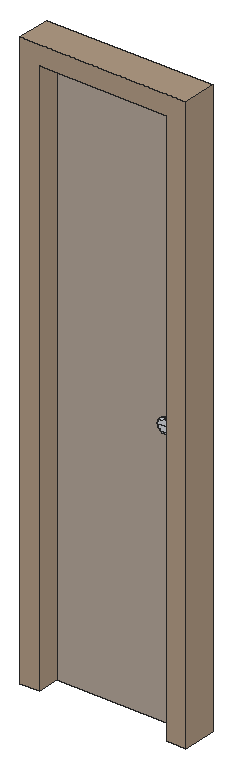
Revit family "D10_木門百葉", category 門, Revit 2014
Parameters (values of type "60 x 210 cm")
  熱阻 (R) = 0.270117 (m²·K)/W
  Visual Light Transmittance = 0
  Solar Heat Gain Coefficient = 0
  營造類型 Id = "MDOOR"
  關鍵註記 = "單開門-矩形"
  傳熱係數 (U) = 3.7021 W/(m²·K)
  功能 = 室內
  門扇材料 = none
  門扇寬度 = Width - 2 * 開門側框寬度  # 500 mm
  門扇厚度 = 40 mm
  Assembly Code = ""
  Rough Height = Height  # 2100 mm
  Rough Width = Width  # 600 mm
  框架深度 = 120 mm
  框擋板寬度 = 門扇厚度 / 2  # 20 mm
  框總寬度 [instance] = 開門側框寬度 + 框擋板寬度  # 70 mm
  Height = 2100 mm
  牆封閉 = 依主體
  框架材料 = none
  開門側框寬度 = 50 mm
  握把五金 = none
  Width = 600 mm
  操作 = "左單開門方向"
  解析營造 = "金屬"
Reference planes
  plane 1: y = -210
  plane 2 "中心 (左/右)": x = 0
  plane 3 "左": x = -300
  plane 4 "右": x = 300
  plane 5: z = 2100
  plane 6 "外部": y = -135
  plane 7 "內部": y = -285
  plane 8: y = 320
  plane 9: y = -740
  plane 10: z = 1050
Forms (mm)
  Sweep 1, solid, material "橡木、紅色"
    path origin (-5000, -210, 0) x (-1, 0, 0) y (0, 0, 1)
      loop
        line (-5300, 0) -> (-5300, 2100) -> (-4700, 2100) -> (-4700, 0)
    profile origin (300, -210, 1050) x (1, 0, 0) y (0, 1, 0)
      loop
        line (0, 60) -> (-50, 60) -> (-50, 20) -> (-70, 20) -> (-70, -60) -> (0, -60) -> (0, 60)
  Extrusion 2, solid, material "橡木、白色"
    sketch origin (-5000, -210, 0) x (1, 0, 0) y (0, 0, 1)
      loop
        line (4750, 2050) -> (4750, 0) -> (5250, 0) -> (5250, 2050) -> (4750, 2050)
    from -60 to -20
Lines and regions (mm)
  Opening 1
    outline origin (-3050, -285, 0) x (1, 0, 0) y (0, 0, 1)
      loop
        line (2750, 0) -> (3350, 0) -> (3350, 2100) -> (2750, 2100) -> (2750, 0)
  symbolic lines, style "Doors"
    curve 1: line (-250, -150, 0) -> (-210, -150, 0)
    curve 2: line (-250, 350, 0) -> (-250, -150, 0)
    curve 3: line (-210, 350, 0) -> (-250, 350, 0)
    curve 4: line (-210, -150, 0) -> (-210, 350, 0)
  symbolic lines, style "平面圖打開方向"
    curve 5: arc (250, -150, 0) -> (117.423, 189.116, 0) -> (-210, 348.397, 0) r 500
  symbolic lines, style "DoorsFrameMullionProjection"
    curve 6: line (-250, -150, 0) -> (-300, -150, 0)
    curve 7: line (-250, -270, 0) -> (-250, -150, 0)
    curve 8: line (-300, -270, 0) -> (-250, -270, 0)
    curve 9: line (-300, -150, 0) -> (-300, -270, 0)
    curve 10: line (250, -150, 0) -> (300, -150, 0)
    curve 11: line (250, -270, 0) -> (250, -150, 0)
    curve 12: line (300, -270, 0) -> (250, -270, 0)
    curve 13: line (300, -150, 0) -> (300, -270, 0)
  symbolic lines, style "立面圖打開方向"
    curve 14: line (-300, -285, 1050) -> (300, -285, 0)
    curve 15: line (-300, -135, 1050) -> (300, -135, 2100)
  model lines
    curve 16: line (155, -190, 375) -> (-155, -190, 375)
    curve 17: line (155, -190, 75) -> (155, -190, 2055)
    curve 18: line (-155, -190, 75) -> (155, -190, 75)
    curve 19: line (-155, -190, 2055) -> (-155, -190, 75)
    curve 20: line (155, -190, 335) -> (-155, -190, 335)
    curve 21: line (155, -190, 295) -> (-155, -190, 295)
    curve 22: line (155, -190, 255) -> (-155, -190, 255)
    curve 23: line (155, -190, 215) -> (-155, -190, 215)
    curve 24: line (155, -190, 175) -> (-155, -190, 175)
    curve 25: line (155, -190, 1180) -> (-155, -190, 1180)
    curve 26: line (155, -190, 405) -> (-155, -190, 405)
    curve 27: line (155, -190, 445) -> (-155, -190, 445)
    curve 28: line (155, -190, 485) -> (-155, -190, 485)
    curve 29: line (155, -190, 525) -> (-155, -190, 525)
    curve 30: line (155, -190, 565) -> (-155, -190, 565)
    curve 31: line (155, -190, 605) -> (-155, -190, 605)
    curve 32: line (155, -190, 645) -> (-155, -190, 645)
    curve 33: line (155, -190, 685) -> (-155, -190, 685)
    curve 34: line (155, -190, 725) -> (-155, -190, 725)
    curve 35: line (155, -190, 765) -> (-155, -190, 765)
    curve 36: line (155, -190, 805) -> (-155, -190, 805)
    curve 37: line (155, -190, 845) -> (-155, -190, 845)
    curve 38: line (155, -190, 885) -> (-155, -190, 885)
    curve 39: line (155, -190, 925) -> (-155, -190, 925)
    curve 40: line (155, -190, 965) -> (-155, -190, 965)
    curve 41: line (155, -190, 1005) -> (-155, -190, 1005)
    curve 42: line (155, -190, 1045) -> (-155, -190, 1045)
    curve 43: line (155, -190, 1085) -> (-155, -190, 1085)
    curve 44: line (155, -190, 1225) -> (-155, -190, 1225)
    curve 45: line (155, -190, 1265) -> (-155, -190, 1265)
    curve 46: line (155, -190, 1305) -> (-155, -190, 1305)
    curve 47: line (155, -190, 1345) -> (-155, -190, 1345)
    curve 48: line (155, -190, 1385) -> (-155, -190, 1385)
    curve 49: line (155, -190, 1425) -> (-155, -190, 1425)
    curve 50: line (155, -190, 1465) -> (-155, -190, 1465)
    curve 51: line (155, -190, 1505) -> (-155, -190, 1505)
    curve 52: line (155, -190, 1545) -> (-155, -190, 1545)
    curve 53: line (155, -190, 1585) -> (-155, -190, 1585)
    curve 54: line (155, -190, 1625) -> (-155, -190, 1625)
    curve 55: line (155, -190, 1665) -> (-155, -190, 1665)
    curve 56: line (155, -190, 1705) -> (-155, -190, 1705)
    curve 57: line (155, -190, 1745) -> (-155, -190, 1745)
    curve 58: line (155, -190, 1785) -> (-155, -190, 1785)
    curve 59: line (155, -190, 1825) -> (-155, -190, 1825)
    curve 60: line (155, -190, 1865) -> (-155, -190, 1865)
    curve 61: line (155, -190, 1905) -> (-155, -190, 1905)
    curve 62: line (155, -190, 1945) -> (-155, -190, 1945)
    curve 63: line (155, -190, 1985) -> (-155, -190, 1985)
    curve 64: line (155, -190, 2025) -> (-155, -190, 2025)
    curve 65: line (155, -190, 2055) -> (-155, -190, 2055)
    curve 66: line (155, -150, 325) -> (-155, -150, 325)
    curve 67: line (155, -150, 75) -> (155, -150, 1955)
    curve 68: line (-155, -150, 75) -> (155, -150, 75)
    curve 69: line (-155, -150, 1955) -> (-155, -150, 75)
    curve 70: line (155, -150, 285) -> (-155, -150, 285)
    curve 71: line (155, -150, 245) -> (-155, -150, 245)
    curve 72: line (155, -150, 205) -> (-155, -150, 205)
    curve 73: line (155, -150, 165) -> (-155, -150, 165)
    curve 74: line (155, -150, 125) -> (-155, -150, 125)
    curve 75: line (155, -150, 365) -> (-155, -150, 365)
    curve 76: line (155, -150, 405) -> (-155, -150, 405)
    curve 77: line (155, -150, 445) -> (-155, -150, 445)
    curve 78: line (155, -150, 485) -> (-155, -150, 485)
    curve 79: line (155, -150, 525) -> (-155, -150, 525)
    curve 80: line (155, -150, 565) -> (-155, -150, 565)
    curve 81: line (155, -150, 605) -> (-155, -150, 605)
    curve 82: line (155, -150, 645) -> (-155, -150, 645)
    curve 83: line (155, -150, 685) -> (-155, -150, 685)
    curve 84: line (155, -150, 725) -> (-155, -150, 725)
    curve 85: line (155, -150, 765) -> (-155, -150, 765)
    curve 86: line (155, -150, 805) -> (-155, -150, 805)
    curve 87: line (155, -150, 845) -> (-155, -150, 845)
    curve 88: line (155, -150, 885) -> (-155, -150, 885)
    curve 89: line (155, -150, 925) -> (-155, -150, 925)
    curve 90: line (155, -150, 965) -> (-155, -150, 965)
    curve 91: line (155, -150, 1005) -> (-155, -150, 1005)
    curve 92: line (155, -150, 1045) -> (-155, -150, 1045)
    curve 93: line (155, -150, 1085) -> (-155, -150, 1085)
    curve 94: line (155, -150, 1125) -> (-155, -150, 1125)
    curve 95: line (155, -150, 1165) -> (-155, -150, 1165)
    curve 96: line (155, -150, 1205) -> (-155, -150, 1205)
    curve 97: line (155, -150, 1245) -> (-155, -150, 1245)
    curve 98: line (155, -150, 1285) -> (-155, -150, 1285)
    curve 99: line (155, -150, 1325) -> (-155, -150, 1325)
    curve 100: line (155, -150, 1365) -> (-155, -150, 1365)
    curve 101: line (155, -150, 1405) -> (-155, -150, 1405)
    curve 102: line (155, -150, 1445) -> (-155, -150, 1445)
    curve 103: line (155, -150, 1485) -> (-155, -150, 1485)
    curve 104: line (155, -150, 1525) -> (-155, -150, 1525)
    curve 105: line (155, -150, 1565) -> (-155, -150, 1565)
    curve 106: line (155, -150, 1605) -> (-155, -150, 1605)
    curve 107: line (155, -150, 1645) -> (-155, -150, 1645)
    curve 108: line (155, -150, 1685) -> (-155, -150, 1685)
    curve 109: line (155, -150, 1725) -> (-155, -150, 1725)
    curve 110: line (155, -150, 1765) -> (-155, -150, 1765)
    curve 111: line (155, -150, 1805) -> (-155, -150, 1805)
    curve 112: line (155, -150, 1845) -> (-155, -150, 1845)
    curve 113: line (155, -150, 1885) -> (-155, -150, 1885)
    curve 114: line (155, -150, 1925) -> (-155, -150, 1925)
    curve 115: line (155, -150, 1955) -> (-155, -150, 1955)
Text (mm)
  text "外部" at (-2295.016, 1099.543, 0), in view "參考樓層"
  text "外部" at (0, 1615.38, 3698.081), in view "左"
  text "外部" at (0, 1036.032, 3874.932), in view "右"
Dimensions and locks
  equal spacing: plane 3 "左", plane 2 "中心 (左/右)", plane 4 "右"
  "Width": plane 3 "左" to plane 4 "右"
  "Height": plane 5 to host wall
  host wall to plane 5 = 2100 mm  (x2)
  locked: plane 6 "外部" to host wall at 0
  locked: plane 7 "內部" to host wall
  equal spacing: Sweep 1 sketch curve, host wall, Sweep 1 sketch curve
  "框架深度": Sweep 1 sketch curve to Sweep 1 sketch curve
  "門扇厚度": Sweep 1 sketch curve to Sweep 1 sketch curve
  "開門側框寬度": Sweep 1 sketch curve to Sweep 1 sketch curve
  "框擋板寬度": Sweep 1 sketch curve to Sweep 1 sketch curve
  "Width": Sweep 1 sketch curve to Sweep 1 sketch curve
  "門扇厚度": curve 2 to curve 4
  "門扇寬度": curve 3 to curve 1
  "開門側框寬度": curve 11 to Sweep 1
  "開門側框寬度": curve 9 to curve 7
  equal spacing: Sweep 1, host wall, Sweep 1  (x2)
  "框架深度": Sweep 1 to Sweep 1  (x2)
  equal spacing: curve 6, plane 1, curve 8
  "框架深度": curve 6 to curve 8
  equal spacing: curve 12, plane 1, curve 10
  "框架深度": curve 12 to curve 10
  nested 2 to Sweep 1 = 30 mm
  nested 1 to Sweep 1 = 30 mm
  equal spacing: plane 8, plane 1, plane 9
  plane 8 to plane 9 = 1060 mm
  "門扇厚度": Extrusion 2 to Extrusion 2
  equal spacing: plane 5, plane 10, level
  "門扇寬度": radius of curve 5
  aligned and locked: plane 3 "左" to Opening 1 sketch curve
  aligned and locked: plane 5 to Opening 1 sketch curve  (x2)
  aligned and locked: Opening 1 sketch curve to plane 4 "右"
  aligned and locked: Opening 1 sketch curve to level
  aligned and locked: plane 1 to host wall
  aligned and locked: Sweep 1 to Extrusion 2 sketch curve
  aligned and locked: Extrusion 2 sketch curve to Sweep 1  (x2)
  aligned and locked: level to Extrusion 2 sketch curve
  aligned and locked: Extrusion 2 to Sweep 1
  aligned and locked: nested 2 to Extrusion 2
  aligned and locked: plane 4 "右" to curve 15
  aligned and locked: plane 5 to curve 15
  aligned and locked: level to curve 14
  aligned and locked: plane 4 "右" to curve 14
  aligned and locked: plane 10 to curve 15
  aligned and locked: plane 3 "左" to curve 15
  aligned and locked: curve 14 to curve 15
  aligned and locked: Sweep 1 to nested 1
  aligned and locked: nested 2 to Sweep 1  (x2)
  aligned and locked: nested 2 to nested 1
Automatic sketch dimensions
  curve 14 to plane 10 = 0 mm
  plane 4 "右" to Sweep 1 sketch curve = 0 mm
  Sweep 1 sketch curve to plane 5 = 0 mm
  Sweep 1 sketch curve to level = 0 mm  (x2)
  Sweep 1 sketch curve to profile plane = 0 mm
  curve 9 to plane 3 "左" = 0 mm
  curve 13 to plane 4 "右" = 0 mm
  level to curve 69 = 75 mm
  curve 68 to curve 74 = 50 mm
  curve 74 to curve 73 = 40 mm
  curve 73 to curve 72 = 40 mm
  curve 72 to curve 71 = 40 mm
  curve 71 to curve 70 = 40 mm
  curve 114 to plane 3 "左" = 145 mm
  curve 92 to plane 10 = 5 mm
  plane 4 "右" to curve 82 = 145 mm
  curve 66 to curve 75 = 40 mm
  curve 75 to curve 76 = 40 mm
  curve 76 to curve 77 = 40 mm
  curve 77 to curve 78 = 40 mm
  curve 78 to curve 79 = 40 mm
  curve 79 to curve 80 = 40 mm
  curve 80 to curve 81 = 40 mm
  curve 81 to curve 82 = 40 mm
  curve 82 to curve 83 = 40 mm
  curve 83 to curve 84 = 40 mm
  curve 84 to curve 85 = 40 mm
  curve 85 to curve 86 = 40 mm
  curve 86 to curve 87 = 40 mm
  curve 87 to curve 88 = 40 mm
  curve 88 to curve 89 = 40 mm
  curve 89 to curve 90 = 40 mm
  curve 90 to curve 91 = 40 mm
  plane 10 to curve 93 = 35 mm
  curve 93 to curve 94 = 40 mm
  curve 94 to curve 95 = 40 mm
  curve 95 to curve 96 = 40 mm
  curve 96 to curve 97 = 40 mm
  curve 97 to curve 98 = 40 mm
  curve 98 to curve 99 = 40 mm
  curve 99 to curve 100 = 40 mm
  curve 100 to curve 101 = 40 mm
  curve 101 to curve 102 = 40 mm
  curve 102 to curve 103 = 40 mm
  curve 103 to curve 104 = 40 mm
  curve 104 to curve 105 = 40 mm
  curve 105 to curve 106 = 40 mm
  curve 106 to curve 107 = 40 mm
  curve 107 to curve 108 = 40 mm
  curve 108 to curve 109 = 40 mm
  curve 109 to curve 110 = 40 mm
  curve 110 to curve 111 = 40 mm
  curve 111 to curve 112 = 40 mm
  curve 112 to curve 113 = 40 mm
  curve 113 to curve 114 = 40 mm
  curve 114 to curve 115 = 30 mm
  curve 70 to curve 66 = 40 mm
  curve 19 to plane 3 "左" = 145 mm
  plane 5 to curve 65 = 45 mm
  plane 4 "右" to curve 18 = 145 mm
  level to curve 18 = 75 mm
  curve 17 to curve 64 = 30 mm
  curve 64 to curve 63 = 40 mm
  curve 63 to curve 62 = 40 mm
  curve 62 to curve 61 = 40 mm
  curve 61 to curve 60 = 40 mm
  curve 60 to curve 59 = 40 mm
  curve 59 to curve 58 = 40 mm
  curve 58 to curve 57 = 40 mm
  curve 57 to curve 56 = 40 mm
  curve 56 to curve 55 = 40 mm
  curve 55 to curve 54 = 40 mm
  curve 54 to curve 53 = 40 mm
  curve 53 to curve 52 = 40 mm
  curve 52 to curve 51 = 40 mm
  curve 51 to curve 50 = 40 mm
  curve 50 to curve 49 = 40 mm
  curve 49 to curve 48 = 40 mm
  curve 48 to curve 47 = 40 mm
  curve 47 to curve 46 = 40 mm
  curve 46 to curve 45 = 40 mm
  curve 45 to curve 44 = 40 mm
  curve 44 to curve 25 = 45 mm
  plane 10 to curve 43 = 35 mm
  curve 42 to plane 10 = 5 mm
  curve 42 to curve 41 = 40 mm
  curve 41 to curve 40 = 40 mm
  curve 40 to curve 39 = 40 mm
  curve 39 to curve 38 = 40 mm
  curve 38 to curve 37 = 40 mm
  curve 37 to curve 36 = 40 mm
  curve 36 to curve 35 = 40 mm
  curve 35 to curve 34 = 40 mm
  curve 34 to curve 33 = 40 mm
  curve 33 to curve 32 = 40 mm
  curve 32 to curve 31 = 40 mm
  curve 31 to curve 30 = 40 mm
  curve 30 to curve 29 = 40 mm
  curve 29 to curve 28 = 40 mm
  curve 28 to curve 27 = 40 mm
  curve 27 to curve 26 = 40 mm
  curve 26 to curve 16 = 30 mm
  curve 16 to curve 20 = 40 mm
  curve 20 to curve 21 = 40 mm
  curve 21 to curve 22 = 40 mm
  curve 22 to curve 23 = 40 mm
  curve 23 to curve 24 = 40 mm
Nested families
  nested 1: "喇叭鎖" at (275, -190, 0) x (-1, 0, 0) z (0, 0, 1), type "喇叭鎖"
  nested 2: "喇叭鎖" at (275, -150, 0) x (-1, 0, 0) z (0, 0, 1), type "喇叭鎖"
  nested 3: "喇叭鎖" at (365, 60, 1000), type "喇叭鎖", not visible
  nested 4: "喇叭鎖" at (365, 20, 1000), type "喇叭鎖", not visible
Definition of nested family "喇叭鎖"
  Parameters (values of type "喇叭鎖")
    Assembly Code = ""
    握把高度 = 1000 mm
    握把與版面側邊距離 = 75 mm
    握把五金 = none
  Reference planes
    plane 1 "中心 (前/後)": y = 0
    plane 2: z = 0
    plane 3 "中心 (左/右)": x = 0
    plane 4: x = 75
  Forms (mm)
    Revolve 1, solid, material <- "握把五金"
      sketch origin (511.236, -60, 1000) x (1, 0, 0) y (0, 1, 0)
        loop
          line (-436.236, 60) -> (-406.236, 60) -> (-406.236, 66) -> (-426.236, 66) -> (-426.236, 85) -> (-417.636, 85) -> (-411.236, 109.7) -> (-411.236, 113.2) -> (-415.736, 115) -> (-436.236, 115) -> (-436.236, 60)
        axis (-436.236, 60) -> (-436.236, 115)
      angle from 0 to 360
  Dimensions and locks
    "握把與版面側邊距離": plane 3 "中心 (左/右)" to plane 4
    "握把高度": Revolve 1 to level
  Automatic sketch dimensions
    plane 3 "中心 (左/右)" to Revolve 1 sketch curve = 75 mm  (x2)
    Revolve 1 sketch curve to plane 1 "中心 (前/後)" = 0 mm
    plane 3 "中心 (左/右)" to Revolve 1 sketch curve = 85 mm
    Revolve 1 sketch curve to Revolve 1 sketch curve = 8.6 mm
    plane 3 "中心 (左/右)" to Revolve 1 sketch curve = 95.5 mm
    Revolve 1 sketch curve to Revolve 1 sketch curve = 4.5 mm
    Revolve 1 sketch curve to Revolve 1 sketch curve = 20 mm
    plane 1 "中心 (前/後)" to Revolve 1 sketch curve = 60 mm
    Revolve 1 sketch curve to Revolve 1 sketch curve = 6 mm
    Revolve 1 sketch curve to Revolve 1 sketch curve = 19 mm
    Revolve 1 sketch curve to Revolve 1 sketch curve = 24.7 mm
    Revolve 1 sketch curve to Revolve 1 sketch curve = 3.5 mm
    Revolve 1 sketch curve to Revolve 1 sketch curve = 1.8 mm
    Revolve 1 sketch curve to Revolve 1 sketch curve = 200 mm
